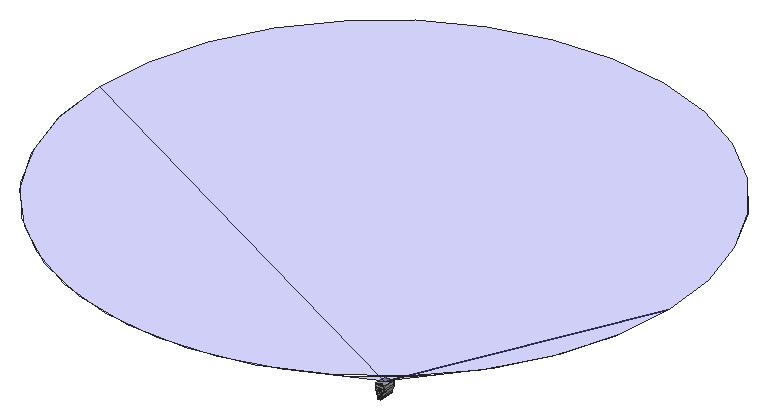
Revit family "SM42T-B", category Communication Devices, Revit 2014
Parameters (values of type "Surface Mount Loundspeaker")
  Width = 5.00"
  Weight Product = 1.5
  Warranty = "5 Year"
  Vertical Symmetry = yes
  URL = "www.atlassound.com"
  Transformer Option = yes
  Specification by User (default) = "TBD"
  Speaker Listening Height [instance] = 30.00"
  Speaker Height [instance] = 120.00"
  Speaker Dispersion = 120.00°
  Speaker Cone Visible [instance] = yes
  Speaker Cone Height [instance] = (Speaker Height - Speaker Listening Height)  # 90.00"
  Sensitivity = 88
  ScheduleType |RF| = "AtlasIED Master"
  SPL Max = 107
  Rotation = 0.00°
  Radius of Speaker Cone [instance] = (Speaker Cone Height) * tan(Speaker Dispersion / 2)  # 155.88457"
  Product Page URL = "https://www.atlasied.com/sm42t-b"
  Product Documentation Link = "https://www.atlasied.com/f/1921/ATS003249%20SM42T%20Data%20Sheet.pdf"
  Power Rating (RMS) = "16 Watts RMS"
  Pitch = 0.00°
  OmniClass Title = "SPEAKERS"
  OmniClass Number = "23-37 17 13 19"
  Mount Material = QF_Plastic - Black - Fine Textured
  Model = "SM42T-B"
  MaterFormat Title = "SPEAKERS"
  MasterFormat = "27 41 13"
  Market = "Commercial, Higher Education, Emergency"
  Manufacturer URL = "https://www.atlasied.com/"
  Manufacturer Phone = "(800) 876 - 3333"
  Manufacturer Email = "support@atlasied.com"
  Manufacturer Address = "4545 E. Baseline Rd., Phoenix, AZ 85042"
  Manufacturer = "ATLAS SOUND"
  Input Connectors = "Input connectors include a sealed 2-pole terminal strip capable of accepting up to two #14AWG wires."
  Ingress Protection = "IP-33"
  Impedance = 8
  IQ Category = "SPEAKERS"
  Height = 6.78218"
  Grill Material = QF_Plastic - Black - Fine Textured
  Frequency Response  = "115Hz – 16kHz (±5dB)"
  Family Version [instance] = "2017-01"
  Family Code (default) = "LOUD SPEAKERS"
  Environmental Testing = "100HR Salt Spray Test Per ASTM B117"
  Enclosure Material = none
  Dispersion Angle = 0.00°
  Description = "4\" 2-WAY ALL WEATHER LOUDSPEAKER WITH 16-WATT 70V/100V TRANSFORMER - BLACK"
  Depth = 8.315"
  Coverage Vertical = 110.00°
  Coverage Horizontal = 110.00°
  Cost MSRP = 90.99
  Cost = 90.99
  Color = none
  Body Material = QF_Plastic - Black - Fine Textured
  Baffle Material = none
  Angle [instance] = 0.00°
  70V Taps = "2, 4, 8, & 16 Watts and 8Ω Bypass"
  100V Taps = "2, 4, 8, & 16 Watts and 8Ω Bypass"
Reference planes (in)
  plane 1 "Center (Front/Back)": y = 0
  plane 2: z = 0
  plane 3 "Center (Left/Right)": x = 0
  plane 4: x = 2.5
  plane 5: x = -2.5
  plane 6: z = 3.92856
Forms (in)
  Extrusion 1, solid, material "QF_Plastic - Black - Fine Textured" <- "Mount Material"
    sketch origin (0, 3.5, 3.92856) x (1, 0, 0) y (0, 0, -1)
      loop
        line (-0.75, 3.92856) -> (-0.75, -0.01516)
        arc (-0.75, -0.01516) -> (0, -0.76516) -> (0.75, -0.01516) r 0.75
        line (0.75, -0.01516) -> (0.75, 3.92856) -> (-0.75, 3.92856)
    from 0 to 0.13
  Extrusion 2, solid, material "QF_Plastic - Black - Fine Textured" <- "Mount Material"
    sketch origin (0, -3.5, 3.92856) x (-1, 0, 0) y (0, 0, -1)
      loop
        line (0.75, 3.92856) -> (-0.75, 3.92856) -> (-0.75, -0.01516)
        arc (-0.75, -0.01516) -> (0, -0.76516) -> (0.75, -0.01516) r 0.75
        line (0.75, -0.01516) -> (0.75, 3.92856)
    from 0 to 0.13
  Extrusion 3, solid, material "QF_Plastic - Black - Fine Textured" <- "Mount Material"
    sketch origin (0.75, 3.5, 3.18955) x (0, 0, -1) y (0, 1, 0)
      loop
        line (3.18955, 0.13) -> (3.05955, 0.13) -> (3.05955, -7.13) -> (3.18955, -7.13) -> (3.18955, 0.13)
    from 0 to -1.5
  Extrusion 4, solid, material "QF_Plastic - Black - Fine Textured"
    sketch origin (0.75, 91.8375, 0) x (-1, 0, 0) y (0, 1, 0)
      loop
        circle (0.75, -90.8375) r 0.13
      loop
        circle (0.75, -92.8375) r 0.13
      loop
        circle (0.75, -89.3375) r 0.2
      loop
        circle (0.75, -94.3375) r 0.2
      loop
        circle (0.75, -91.8375) r 0.25
    from 0 to 0.13
  Revolve 5, solid, material "QF_Metal - Stainless - Polished"
    sketch origin (2.0095, 1.44158, 3.92856) x (0, 1, 0) y (-1, 0, 0)
      loop
        line (1.06703, 2.0095) -> (1.17726, 2.0095) -> (1.17726, 2.2595) -> (1.06703, 2.2595) -> (1.06703, 2.0095)
      axis (1.06703, 2.0095) -> (1.17726, 2.0095)
    angle from 0 <- "Angle" to 225.204
Lines and regions (in)
  symbolic lines, style "Sound Projection Average", visible <- "Speaker Cone Visible"
    curve 1: circle (0, 0, 0) r 155.88457 normal (0, 0, 1)
Dimensions and locks (in)
  "Width": plane 5 to plane 4
  aligned and locked: plane 2 to level
  aligned and locked: curve 1 to nested 1
Automatic sketch dimensions
  Extrusion 1 sketch curve to Extrusion 1 sketch curve = 0.75"
  Extrusion 2 sketch curve to Extrusion 2 sketch curve = 0.75"
  Extrusion 3 sketch curve to Extrusion 1 = 0.00"
  Extrusion 1 to Extrusion 3 sketch curve = 0.00"
  Extrusion 3 sketch curve to Extrusion 1 = 0.13"
  Extrusion 3 sketch curve to Extrusion 1 = 7.13"
  Extrusion 4 sketch curve to Extrusion 3 = 0.75"  (x5)
  Extrusion 3 to Extrusion 4 sketch curve = 1.13"  (x2)
  Extrusion 4 sketch curve to Extrusion 4 sketch curve = 1.50"
  Extrusion 4 sketch curve to Extrusion 4 sketch curve = 1.00"  (x2)
  plane 3 "Center (Left/Right)" to Revolve 5 sketch curve = 0.00"  (x2)
  Revolve 5 sketch curve to plane 1 "Center (Front/Back)" = 2.50861"
  Revolve 5 sketch curve to Revolve 5 sketch curve = 0.11023"
  Revolve 5 sketch curve to Revolve 5 sketch curve = 0.25"
  Revolve 5 sketch curve to Revolve 5 sketch curve = 2.32274"
  Revolve 5 sketch curve to Revolve 5 sketch curve = 0.59789"
  Extrusion 1 sketch curve to level = 0.00"
  Extrusion 1 sketch curve to plane 3 "Center (Left/Right)" = 0.00"
  plane 6 to Extrusion 1 sketch curve = 0.01516"
  Extrusion 2 sketch curve to level = 0.00"
  Extrusion 2 sketch curve to plane 3 "Center (Left/Right)" = 0.00"
  plane 6 to Extrusion 2 sketch curve = 0.01516"
  radius of Extrusion 4 sketch curve = 0.13"  (x2)
  radius of Extrusion 4 sketch curve = 0.20"  (x2)
  radius of Extrusion 4 sketch curve = 0.25"
Nested families (in)
  nested 1: "SM42TB" at (0, 0, 0), Speaker Cone Visible <- "Speaker Cone Visible", Speaker Dispersion <- "Speaker Dispersion", Speaker Listening Height <- "Speaker Listening Height", Speaker Height <- "Speaker Height", Speaker Cone Height <- "Speaker Cone Height", Radius of Speaker Cone <- "Radius of Speaker Cone", type "Surface Mount Loundspeaker"
    with Weight Dimensional/Shipping 0, Speaker Listening Height 30.00", Speaker Height 120.00", Speaker Dispersion 120.00°, Speaker Cone Visible yes, Speaker Cone Height 90.00", Radius of Speaker Cone 155.88457", Family Version "1.0"
Definition of nested family "SM42TB"
  Parameters (values of type "Surface Mount Loundspeaker")
    Width = 5.00"
    Weight Product = 1.5
    Weight Dimensional/Shipping [instance] = 0
    Weight Dimensional = 22.83
    Warranty = "5 Year Warranty"
    Viewable Dimensions (HxW) = 0
    Vertical Symmetry = yes
    URL = "www.atlassound.com"
    Transformer Option = yes
    Sustainability Rating = "TBD"
    Specification by User (default) = "TBD"
    Specification by Manufacturer = "TBD"
    Speaker Type = "S1"
    Speaker Listening Height [instance] = 30.00"
    Speaker Height [instance] = 120.00"
    Speaker Dispersion [instance] = 120.00°
    Speaker Data Link = "TBD"
    Speaker Cone Visible [instance] = no
    Speaker Cone Height [instance] = 90.00"
    Serial Number = "TBD"
    Sensitivity = 88
    Seismic Rating = "TBD"
    ScheduleType |RF| = "AtlasIED Master"
    Safety Features = "TBD"
    Safety Agency Ratings = "TBD"
    SPL Max = 107
    Rotation = 0.00°
    Regulatory Compliance = "TBD"
    Radius of Speaker Cone [instance] = 155.88457"
    Product Page URL = "https://www.atlasied.com/sm42t-b"
    Product Documentation Link = "https://www.atlasied.com/f/1921/ATS003249%20SM42T%20Data%20Sheet.pdf"
    Power Rating (RMS) = "16 Watts RMS"
    Pitch = 0.00°
    Part Number = "SM42T-B"
    Outdoor/Weather Rating = "TBD"
    OmniClass Title = "SPEAKERS"
    OmniClass Number = "23-37 17 13 19"
    Number of Bands = 0
    Mounting/Rigging Provisions = "TBD"
    Mount Material = QF_Plastic - Black - Fine Textured
    Model = "SM42T-B"
    MaterFormat Title = "SPEAKERS"
    MasterFormat = "27 41 13"
    Market = "Commercial, Higher Education, Emergency"
    Manufacturer URL = "https://www.atlasied.com/"
    Manufacturer Phone = "(800) 876 - 3333"
    Manufacturer Email = "support@atlasied.com"
    Manufacturer Address = "4545 E. Baseline Rd., Phoenix, AZ 85042"
    Manufacturer = "ATLAS SOUND"
    Input Connectors = "Input connectors include a sealed 2-pole terminal strip capable of accepting up to two #14AWG wires."
    Ingress Protection = "IP-33"
    Impedance = 8
    IQ Category = "SPEAKERS"
    Horizontal Symmetry = yes
    Height = 6.78218"
    Grill Material = QF_Plastic - Black - Fine Textured
    Frequency Response  = "115Hz – 16kHz (±5dB)"
    Family Version [instance] = "1.0"
    Family Code (default) = "ITS Inc."
    Environmental Testing = "100HR Salt Spray Test Per ASTM B117"
    Enclosure Material = none
    Dispersion Angle = 0.00°
    Description = "4\" 2-WAY ALL WEATHER LOUDSPEAKER WITH 16-WATT 70V/100V TRANSFORMER - BLACK"
    Depth = 8.315"
    Crossover Frequency = "4kHz."
    Coverage Vertical = 110.00°
    Coverage Horizontal = 110.00°
    Coverage = "ADD COVERAGE VIEW"
    Cost MSRP = 90.99
    Cost = 90.99
    Color = none
    Body Material = QF_Plastic - Black - Fine Textured
    Baffle Material = none
    70V Taps = "2, 4, 8, & 16 Watts and 8Ω Bypass"
    100V Taps = "2, 4, 8, & 16 Watts and 8Ω Bypass"
  Reference planes (in)
    plane 1 "Center (Front/Back)": y = 0
    plane 2: z = 0
    plane 3 "Center (Left/Right)": x = 0
    plane 4: x = 2.5
    plane 5: x = -2.5
  Forms (in)
    SweptBlend 1, solid, material "QF_Plastic - Black - Fine Textured" <- "Body Material"
      path origin (0, -4.1625, 3.92856) x (1, 0, 0) y (0, 0, -1)
        loop
          line (0, -2.85362) -> (0, -1.2291)
      profile origin (0, -4.1625, 6.78218) x (0, 1, 0) y (-1, 0, 0)
        loop
          line (7.5025, -2.06425) -> (7.5025, 2.0625)
          arc (7.5025, 2.0625) -> (7.42122, 2.25872) -> (7.225, 2.34) r 0.2775
          line (7.225, 2.34) -> (1.1, 2.34)
          arc (1.1, 2.34) -> (0.90378, 2.25872) -> (0.8225, 2.0625) r 0.2775
          line (0.8225, 2.0625) -> (0.8225, -2.0625)
          arc (0.8225, -2.0625) -> (0.90378, -2.25872) -> (1.1, -2.34) r 0.2775
          line (1.1, -2.34) -> (7.22675, -2.34)
          arc (7.22675, -2.34) -> (7.42173, -2.25923) -> (7.5025, -2.06425) r 0.27575
      end profile origin (0, -4.1625, 5.15766) x (0, 1, 0) y (-1, 0, 0)
        loop
          arc (7.46502, -2.5) -> (7.58715, -2.39413) -> (7.6625, -2.25114) r 0.4375
          line (7.6625, -2.25114) -> (7.6625, 2.25114)
          arc (7.6625, 2.25114) -> (7.58715, 2.39413) -> (7.46502, 2.5) r 0.4375
          line (7.46502, 2.5) -> (0.85998, 2.5)
          arc (0.85998, 2.5) -> (0.73785, 2.39413) -> (0.6625, 2.25114) r 0.4375
          line (0.6625, 2.25114) -> (0.6625, -2.25114)
          arc (0.6625, -2.25114) -> (0.73785, -2.39413) -> (0.85998, -2.5) r 0.4375
          line (0.85998, -2.5) -> (7.46502, -2.5)
    Extrusion 2, solid, material "QF_Metal - Stainless - Polished"
      sketch origin (0.00022, 0.00022, 6.78218) x (1, 0, 0) y (0, 1, 0)
        loop
          circle (-0.00412, -2.6113) r 0.30986
      from 0 to 0.03
    Extrusion 3, solid, material "QF_Plastic - Black - Fine Textured" <- "Body Material"
      sketch origin (0, -4.1625, 3.92856) x (1, 0, 0) y (0, 0, -1)
        loop
          arc (-2.39947, -0.30236) -> (-2.41842, -0.36243) -> (-2.42856, -0.42459) r 0.4375
          line (-2.42856, -0.42459) -> (-2.50077, -1.2291) -> (2.50077, -1.2291) -> (2.42856, -0.42459)
          arc (2.42856, -0.42459) -> (2.41842, -0.36243) -> (2.40111, -0.30236) r 0.4375
          line (2.40111, -0.30236) -> (1.17124, 2.79347)
          arc (1.17124, 2.79347) -> (1.04386, 2.9689) -> (0.84789, 3.06163) r 0.4375
          line (0.84789, 3.06163) -> (-0.84789, 3.06163)
          arc (-0.84789, 3.06163) -> (-1.04386, 2.9689) -> (-1.17124, 2.79347) r 0.4375
          line (-1.17124, 2.79347) -> (-2.39947, -0.30236)
      from 0.6625 to 7.6625
    Sweep 4, void
      path origin (0, 3.5, 3.92856) x (1, 0, 0) y (0, 0, -1)
        loop
          line (2.50077, -1.2291) -> (2.4224, -0.35602) -> (1.0665, 3.06163) -> (-1.06486, 3.06163) -> (-2.42288, -0.36137) -> (-2.50077, -1.2291)
      profile origin (-2.46183, 3.5, 4.72379) x (0.995995, 0, 0.089405) y (0, 1, 0)
        loop
          spline (-0.05824, -0.4375) -> (-0.05629, -0.37239) -> (-0.04473, -0.30829) -> (-0.02382, -0.24663) -> (0.00598, -0.18876) -> (0.044, -0.13598) -> (0.08941, -0.08945) -> (0.14119, -0.05021) -> (0.19821, -0.01912) -> (0.25919, 0.00312) -> (0.32278, 0.01603) -> (0.38758, 0.01931) -> (0.45214, 0.0129)
          line (0.45214, 0.0129) -> (0.45214, 0.14191) -> (-0.15314, 0.14191) -> (-0.15314, -0.4375) -> (-0.05824, -0.4375)
        loop
          line (-0.05824, -6.5625) -> (-0.15314, -6.5625) -> (-0.15314, -7.14191) -> (0.45214, -7.14191) -> (0.45214, -7.0129)
          spline (0.45214, -7.0129) -> (0.38758, -7.01931) -> (0.32278, -7.01603) -> (0.25919, -7.00312) -> (0.19821, -6.98088) -> (0.14119, -6.94979) -> (0.08941, -6.91055) -> (0.044, -6.86402) -> (0.00598, -6.81124) -> (-0.02382, -6.75337) -> (-0.04473, -6.69171) -> (-0.05629, -6.62761) -> (-0.05824, -6.5625)
    Revolve 5, solid, material "QF_Plastic - Black - Fine Textured" <- "Mount Material"
      sketch origin (0, -4.1625, 3.92856) x (1, 0, 0) y (0, 1, 0)
        loop
          line (0, 8.32) -> (-0.74918, 8.32) -> (-0.74918, 7.95) -> (-0.48668, 7.95) -> (-0.48668, 7.6625) -> (0, 7.6625) -> (0, 8.32)
        loop
          line (0, 0.005) -> (0, 0.6625) -> (-0.48668, 0.6625) -> (-0.48668, 0.375) -> (-0.74918, 0.375) -> (-0.74918, 0.005) -> (0, 0.005)
        axis (0, 8.32) -> (0, 0.005)
      angle from 0 to 360
    Extrusion 6, solid, material "QF_Plastic - Black - Fine Textured" <- "Grill Material"
      sketch origin (0.00022, 0.00022, 6.78218) x (1, 0, 0) y (0, 1, 0)
        loop
          line (-2.34022, 3.06228) -> (-2.34022, -3.06272)
          arc (-2.34022, -3.06272) -> (-2.25894, -3.25894) -> (-2.06272, -3.34022) r 0.2775
          line (-2.06272, -3.34022) -> (2.06228, -3.34022)
          arc (2.06228, -3.34022) -> (2.2585, -3.25894) -> (2.33978, -3.06272) r 0.2775
          line (2.33978, -3.06272) -> (2.33978, 3.06403)
          arc (2.33978, 3.06403) -> (2.25902, 3.25902) -> (2.06403, 3.33978) r 0.27575
          line (2.06403, 3.33978) -> (-2.06272, 3.33978)
          arc (-2.06272, 3.33978) -> (-2.25894, 3.2585) -> (-2.34022, 3.06228) r 0.2775
        loop
          circle (-0.00412, -2.6113) r 0.30986
      from 0 to 0.03
    Blend 7, solid, material "Glass", visible <- "Speaker Cone Visible"
      base sketch origin (0, -0.09521, 6.78218) x (1, 0, 0) y (0, 1, 0)
        loop
          circle (0, 0.09521) r 155.88457
      top sketch origin (0, -0.09521, 6.78218) x (1, 0, 0) y (0, 1, 0)
        loop
          circle (0, 0.09521) r 0.13513
      from 90 <- "Speaker Cone Height" to 0
  Cuts and joins
    Sweep 4 cuts Extrusion 3
  Lines and regions (in)
    symbolic lines
      curve 1: line (2.25114, 3.5, 0) -> (-2.25114, 3.5, 0)
      curve 2: arc (-2.25114, 3.5, 0) -> (-2.39473, 3.42417, 0) -> (-2.50077, 3.30119, 0) r 0.4375
      curve 3: line (-2.50077, 3.30119, 0) -> (-2.50077, -3.30119, 0)
      curve 4: arc (-2.50077, -3.30119, 0) -> (-2.39473, -3.42417, 0) -> (-2.25114, -3.5, 0) r 0.4375
      curve 5: line (-2.25114, -3.5, 0) -> (2.25114, -3.5, 0)
      curve 6: arc (2.25114, -3.5, 0) -> (2.39473, -3.42417, 0) -> (2.50077, -3.30119, 0) r 0.4375
      curve 7: line (2.50077, -3.30119, 0) -> (2.50077, 3.30119, 0)
      curve 8: arc (2.50077, 3.30119, 0) -> (2.39473, 3.42417, 0) -> (2.25114, 3.5, 0) r 0.4375
      curve 9: line (-2.34, 3.0625, 0) -> (-2.34, -3.0625, 0)
      curve 10: arc (-2.34, -3.0625, 0) -> (-2.25872, -3.25872, 0) -> (-2.0625, -3.34, 0) r 0.2775
      curve 11: line (-2.0625, -3.34, 0) -> (2.0625, -3.34, 0)
      curve 12: arc (2.0625, -3.34, 0) -> (2.25872, -3.25872, 0) -> (2.34, -3.0625, 0) r 0.2775
      curve 13: line (2.34, -3.0625, 0) -> (2.34, 3.06425, 0)
      curve 14: arc (2.34, 3.06425, 0) -> (2.25923, 3.25923, 0) -> (2.06425, 3.34, 0) r 0.27575
      curve 15: line (2.06425, 3.34, 0) -> (-2.0625, 3.34, 0)
      curve 16: arc (-2.0625, 3.34, 0) -> (-2.25872, 3.25872, 0) -> (-2.34, 3.0625, 0) r 0.2775
      curve 17: arc (-0.31376, -2.61108, 0) -> (-0.00391, -2.92093, 0) -> (0.30595, -2.61108, 0) r 0.30986
      curve 18: arc (0.30595, -2.61108, 0) -> (-0.00391, -2.30122, 0) -> (-0.31376, -2.61108, 0) r 0.30986
      curve 19: line (-0.74918, -3.7875, 0) -> (0.74918, -3.7875, 0)
      curve 20: line (-0.74918, -4.1575, 0) -> (-0.74918, -3.7875, 0)
      curve 21: line (0.74918, -4.1575, 0) -> (-0.74918, -4.1575, 0)
      curve 22: line (0.74918, -3.7875, 0) -> (0.74918, -4.1575, 0)
      curve 23: line (-0.75, -3.63, 0) -> (0.75, -3.63, 0)
      curve 24: line (0.75, -3.63, 0) -> (0.75, -3.5, 0)
      curve 25: line (-0.75, -3.63, 0) -> (-0.75, -3.5, 0)
      curve 26: line (-0.48437, -3.63, 0) -> (-0.48437, -3.7875, 0)
      curve 27: line (0.48437, -3.63, 0) -> (0.48437, -3.7875, 0)
      curve 28: line (-0.74918, 3.7875, 0) -> (0.74918, 3.7875, 0)
      curve 29: line (-0.74918, 4.1575, 0) -> (-0.74918, 3.7875, 0)
      curve 30: line (0.74918, 4.1575, 0) -> (-0.74918, 4.1575, 0)
      curve 31: line (0.74918, 3.7875, 0) -> (0.74918, 4.1575, 0)
      curve 32: line (-0.75, 3.63, 0) -> (0.75, 3.63, 0)
      curve 33: line (0.75, 3.63, 0) -> (0.75, 3.5, 0)
      curve 34: line (-0.75, 3.63, 0) -> (-0.75, 3.5, 0)
      curve 35: line (-0.48437, 3.63, 0) -> (-0.48437, 3.7875, 0)
      curve 36: line (0.48437, 3.63, 0) -> (0.48437, 3.7875, 0)
    symbolic lines, style "Sound Projection Average", visible <- "Speaker Cone Visible"
      curve 37: circle (0, 0, 0) r 155.88457 normal (0, 0, 1)
  Dimensions and locks (in)
    "Height": SweptBlend 1 to level
    "Radius of Speaker Cone": radius of Blend 7 sketch curve
    aligned and locked: plane 2 to level
    aligned and locked: curve 37 to Blend 7
  Automatic sketch dimensions
    SweptBlend 1 sketch curve to plane 3 "Center (Left/Right)" = 0.00"
    level to SweptBlend 1 sketch curve = 6.78218"
    SweptBlend 1 sketch curve to SweptBlend 1 sketch curve = 1.62452"
    profile plane to SweptBlend 1 sketch curve = 0.6625"
    SweptBlend 1 sketch curve to SweptBlend 1 sketch curve = 0.19748"  (x3)
    SweptBlend 1 sketch curve to SweptBlend 1 sketch curve = 0.22058"  (x4)
    profile plane to SweptBlend 1 sketch curve = 2.12218"  (x2)
    SweptBlend 1 sketch curve to SweptBlend 1 sketch curve = 6.16388"
    SweptBlend 1 sketch curve to profile plane = 2.12218"  (x2)
    SweptBlend 1 sketch curve to SweptBlend 1 sketch curve = 0.00"
    SweptBlend 1 sketch curve to SweptBlend 1 sketch curve = 0.12896"  (x2)
    profile plane to SweptBlend 1 sketch curve = 0.8225"
    SweptBlend 1 sketch curve to SweptBlend 1 sketch curve = 0.2775"  (x2)
    SweptBlend 1 sketch curve to profile plane = 2.0625"
    SweptBlend 1 sketch curve to SweptBlend 1 sketch curve = 6.125"
    SweptBlend 1 sketch curve to SweptBlend 1 sketch curve = 0.00175"
    SweptBlend 1 sketch curve to SweptBlend 1 sketch curve = 0.27575"
    profile plane to SweptBlend 1 sketch curve = 2.0625"
    Extrusion 2 sketch curve to SweptBlend 1 = 0.72892"
    Extrusion 2 sketch curve to SweptBlend 1 = 2.33609"
    Extrusion 3 sketch curve to plane 5 = 0.00077"
    plane 5 to Extrusion 3 sketch curve = 0.07144"
    plane 5 to Extrusion 3 sketch curve = 0.10053"
    Extrusion 3 sketch curve to Extrusion 3 sketch curve = 0.43575"
    Extrusion 3 sketch curve to plane 3 "Center (Left/Right)" = 1.17124"
    Extrusion 3 sketch curve to Extrusion 3 sketch curve = 0.32335"  (x2)
    Extrusion 3 sketch curve to Extrusion 3 sketch curve = 0.08331"  (x2)
    plane 3 "Center (Left/Right)" to Extrusion 3 sketch curve = 0.76458"
    Extrusion 3 sketch curve to plane 4 = 0.50719"
    Extrusion 3 sketch curve to plane 4 = 0.07144"
    plane 4 to Extrusion 3 sketch curve = 0.00077"
    level to Extrusion 3 sketch curve = 5.15766"
    Extrusion 3 sketch curve to Extrusion 3 sketch curve = 0.7654"  (x2)
    Extrusion 3 sketch curve to Extrusion 3 sketch curve = 0.03911"  (x2)
    level to Extrusion 3 sketch curve = 1.29643"  (x2)
    Extrusion 3 sketch curve to Extrusion 3 sketch curve = 0.16134"
    Extrusion 3 sketch curve to Extrusion 3 sketch curve = 0.00164"  (x2)
    Extrusion 3 sketch curve to plane 4 = 0.10053"
    Extrusion 3 sketch curve to Extrusion 3 sketch curve = 0.00"  (x2)
    Extrusion 3 to Sweep 4 sketch curve = 0.00"  (x3)
    Sweep 4 sketch curve to Extrusion 3 = 0.00"  (x8)
    profile plane to Sweep 4 sketch curve = 0.15314"  (x2)
    profile plane to Sweep 4 sketch curve = 0.05824"  (x2)
    Sweep 4 sketch curve to profile plane = 0.45214"  (x2)
    profile plane to Sweep 4 sketch curve = 0.14191"
    profile plane to Sweep 4 sketch curve = 0.0129"
    Sweep 4 sketch curve to profile plane = 0.4375"
    Sweep 4 sketch curve to Sweep 4 sketch curve = 6.125"
    Sweep 4 sketch curve to Sweep 4 sketch curve = 0.4504"
    Sweep 4 sketch curve to Sweep 4 sketch curve = 0.12901"
    Sweep 4 sketch curve to Sweep 4 sketch curve = 0.07506"  (x2)
    profile plane to Sweep 4 sketch curve = 0.01944"
    Sweep 4 sketch curve to Sweep 4 sketch curve = 0.01944"
    Revolve 5 sketch curve to plane 3 "Center (Left/Right)" = 0.00"  (x3)
    Revolve 5 sketch curve to plane 3 "Center (Left/Right)" = 0.48668"  (x2)
    Revolve 5 sketch curve to Revolve 5 sketch curve = 0.2625"  (x2)
    plane 1 "Center (Front/Back)" to Revolve 5 sketch curve = 4.1575"
    Revolve 5 sketch curve to Revolve 5 sketch curve = 0.37"  (x2)
    Revolve 5 sketch curve to Revolve 5 sketch curve = 0.2875"  (x2)
    Revolve 5 sketch curve to plane 1 "Center (Front/Back)" = 3.50"
    Revolve 5 sketch curve to Revolve 5 sketch curve = 1.10286"
    Revolve 5 sketch curve to Revolve 5 sketch curve = 0.10978"
    Extrusion 6 sketch curve to Extrusion 6 sketch curve = 0.00"  (x2)
    Extrusion 6 sketch curve to SweptBlend 1 = 0.2775"  (x2)
    Extrusion 6 sketch curve to SweptBlend 1 = 0.72892"
    Extrusion 6 sketch curve to Extrusion 6 sketch curve = 2.05859"
    Extrusion 6 sketch curve to Extrusion 6 sketch curve = 0.30986"
    plane 1 "Center (Front/Back)" to Blend 7 sketch curve = 0.00"  (x2)
    Blend 7 sketch curve to plane 3 "Center (Left/Right)" = 0.00"  (x2)
    curve 3 to plane 5 = 0.00077"
    plane 5 to curve 9 = 0.16"
    plane 5 to curve 5 = 0.24886"
    plane 5 to curve 1 = 0.24886"
    curve 9 to curve 2 = 0.21782"
    curve 9 to curve 4 = 0.21782"
    curve 2 to curve 16 = 0.05968"
    curve 4 to curve 10 = 0.05968"
    curve 23 to plane 3 "Center (Left/Right)" = 0.75"
    curve 34 to plane 3 "Center (Left/Right)" = 0.75"
    curve 23 to curve 20 = 0.00082"
    curve 32 to curve 29 = 0.00082"
    curve 18 to plane 3 "Center (Left/Right)" = 0.00391"
    plane 3 "Center (Left/Right)" to curve 30 = 0.74918"
    plane 3 "Center (Left/Right)" to curve 21 = 0.74918"
    curve 28 to curve 32 = 0.00082"
    curve 19 to curve 23 = 0.00082"
    curve 11 to plane 4 = 0.4375"
    curve 15 to plane 4 = 0.43575"
    curve 14 to curve 8 = 0.05793"
    curve 12 to curve 6 = 0.05968"
    curve 11 to curve 5 = 0.18864"
    curve 14 to curve 1 = 0.18689"
    curve 13 to plane 4 = 0.16"
    plane 4 to curve 7 = 0.00077"
    plane 1 "Center (Front/Back)" to curve 21 = 4.1575"
    curve 20 to curve 20 = 0.37"
    curve 19 to curve 23 = 0.1575"
    curve 23 to curve 5 = 0.13"
    curve 6 to curve 11 = 0.16"
    curve 3 to curve 9 = 0.23869"
    curve 7 to curve 12 = 0.23869"
    curve 26 to curve 17 = 1.01892"
    curve 16 to plane 1 "Center (Front/Back)" = 3.0625"
    curve 14 to curve 8 = 0.01769"
    curve 16 to curve 2 = 0.01944"
    curve 16 to curve 3 = 0.23869"
    curve 33 to curve 33 = 0.13"
    curve 32 to curve 29 = 0.1575"
    curve 28 to curve 30 = 0.37"
    curve 28 to curve 35 = 0.26481"
    curve 19 to curve 26 = 0.26481"
    curve 18 to curve 17 = 0.30986"
    curve 36 to curve 28 = 0.26481"
    curve 27 to curve 19 = 0.26481"
    radius of Extrusion 2 sketch curve = 0.30986"
    radius of Extrusion 6 sketch curve to SweptBlend 1 = 0.00"  (x2)
    radius of Blend 7 sketch curve = 0.13513"
  Nested families (in)
    nested 1: "Speaker Annotation" at (0, -0.09521, 9.25), Speaker Type <- "Speaker Type", type "Data Annotation"
      with Speaker Type "S1"
  Definition of nested family "Speaker Annotation"
    Parameters (values of type "Data Annotation")
      Speaker Type [instance] = ""
    Reference planes (in)
      plane 1: y = 0
      plane 2: x = 0
    Lines and regions (in)
      detail lines, style "Data Device"
        curve 1: circle (-0.00295, 0.00032, 0) r 0.09489 normal (0, 0, 1)
    Text (in)
      label "S1" at (0.00193, -0.00496, 0), shows "Speaker Type"
